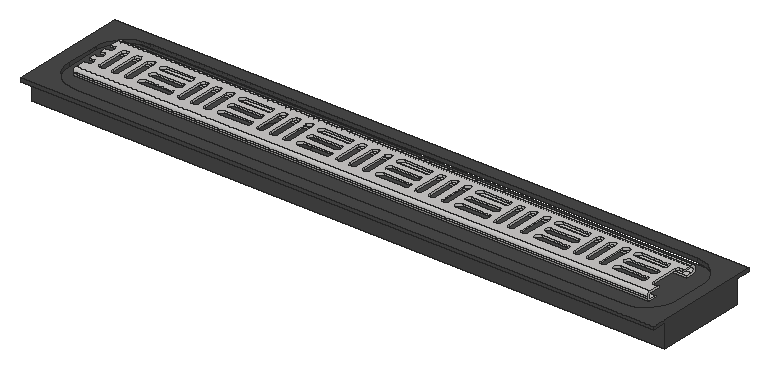
Revit family "Drain-Linear_CrossHatch_Noble_FreeStyle", category Plumbing Fixtures, host Face, Revit 2017
Family settings
  Host = Face
  Round Connector Dimension = Use Diameter
  Part Type = Normal
  OmniClass Number = 23.45.55.21
  OmniClass Title = Drains (Wastes)
  Cut with Voids When Loaded = No
  Shared = No
  Room Calculation Point = No
Parameters (values of type "24in ABS")
  Weight = "10 lbs"
  URL = "www.noblecompany.com"
  Type Comments = ""
  Product Properties = "http://www.noblecompany.com/Portals/0/PRODUCT%20INFO/Product%20Descriptions/FreeStyle%20Linear%20Drain%20Product%20Decription%200410.pdf"
  Product Data = "http://www.noblecompany.com/Products/ShowerProducts/tabid/59/Default.aspx"
  Plate = Stainless Steel - Brushed
  Model = "Freestyle 24 ABS - Cross Hatch"
  Manufacturer Phone - Toll Free = "800-878-5788"
  Manufacturer Phone = "231-799-8000"
  Manufacturer Fax = "231-799-8850"
  Manufacturer Email = "mailto:sales@noblecompany.com"
  Manufacturer Address = "7300 Enterprise Drive, Spring Lake, MI  49456 USA"
  Manufacturer = "Noble Company"
  Installation-Fabrication = "http://www.noblecompany.com/Portals/0/PRODUCT%20INFO/Product%20Descriptions/FreeStyle%20Linear%20Drain%20Product%20Decription%200410.pdf"
  GPM = 0 GPM
  Description = "Freestyle 24 ABS - Cross Hatch Linear Drain"
  Building Codes = "http://www.noblecompany.com/Portals/0/TECHNICAL%20INFO/Listing_Testing_Certification_Reports/PMG-1065%20Noble%20Company%20Linear%20Drain%20final%202.pdf"
  Base = ABS
  B = 21 3/4"
  Assembly Code = "D2030300"
  A = 24"
  Default Elevation = 0"
  D = 1 1/4"
  C = 15 3/4"
Types (14): name | Model | Description | Base | B | A | D | C
  24in ABS | "Freestyle 24 ABS - Cross Hatch" | "Freestyle 24 ABS - Cross Hatch Linear Drain" | ABS | 21 3/4" | 24" | 1 1/4" | 15 3/4"
  32in ABS | "Freestyle 32 ABS - Cross Hatch" | "Freestyle 32 ABS - Cross Hatch Linear Drain" | ABS | 29 3/4" | 32" | 1 3/8" | 19 1/2"
  36in ABS | "Freestyle 36 ABS - Cross Hatch" | "Freestyle 36 ABS - Cross Hatch Linear Drain" | ABS | 33 3/4" | 36" | 1 3/8" | 21 3/4"
  40in ABS | "Freestyle 40 ABS - Cross Hatch" | "Freestyle 40 ABS - Cross Hatch Linear Drain" | ABS | 37 3/4" | 40" | 1 7/16" | 23 3/4"
  48in ABS | "Freestyle 48 ABS - Cross Hatch" | "Freestyle 48 ABS - Cross Hatch Linear Drain" | ABS | 45 3/4" | 48" | 1 1/2" | 27 3/4"
  54in ABS | "Freestyle 54 ABS - Cross Hatch" | "Freestyle 54 ABS - Cross Hatch Linear Drain" | ABS | 51 3/4" | 54" | 1 9/16" | 30 3/4"
  60in ABS | "Freestyle 60 ABS - Cross Hatch" | "Freestyle 60 ABS - Cross Hatch Linear Drain" | ABS | 57 3/4" | 60" | 1 5/8" | 33 3/4"
  24in PVC | "Freestyle 24 PVC - Cross Hatch" | "Freestyle 24 PVC - Cross Hatch Linear Drain" | PVC | 21 3/4" | 24" | 1 1/4" | 15 3/4"
  32in PVC | "Freestyle 32 PVC - Cross Hatch" | "Freestyle 32 PVC - Cross Hatch Linear Drain" | PVC | 29 3/4" | 32" | 1 3/8" | 19 1/2"
  36in PVC | "Freestyle 36 PVC - Cross Hatch" | "Freestyle 36 PVC - Cross Hatch Linear Drain" | PVC | 33 3/4" | 36" | 1 3/8" | 21 3/4"
  40in PVC | "Freestyle 40 PVC - Cross Hatch" | "Freestyle 40 PVC - Cross Hatch Linear Drain" | PVC | 37 3/4" | 40" | 1 7/16" | 23 3/4"
  48in PVC | "Freestyle 48 PVC - Cross Hatch" | "Freestyle 48 PVC - Cross Hatch Linear Drain" | PVC | 45 3/4" | 48" | 1 1/2" | 27 3/4"
  54in PVC | "Freestyle 54 PVC - Cross Hatch" | "Freestyle 54 PVC - Cross Hatch Linear Drain" | PVC | 51 3/4" | 54" | 1 9/16" | 30 3/4"
  60in PVC | "Freestyle 60 PVC - Cross Hatch" | "Freestyle 60 PVC - Cross Hatch Linear Drain" | PVC | 57 3/4" | 60" | 1 5/8" | 33 3/4"
Reference planes (in)
  plane 1 "Center (Front/Back)": y = 0
  plane 2: z = 0
  plane 3 "Center (Left/Right)": x = 0
  plane 4: z = -1.25
  plane 5: z = -3.68399
  plane 6: z = -1.25
  plane 7: y = 1.6875
  plane 8: y = -1.6875
  plane 9: z = -0.375
  plane 10: y = 2.25
  plane 11: y = -2.25
  plane 12: z = -0.3125
  plane 13: x = 12
  plane 14: x = -12
  plane 15: x = 10.875
  plane 16: x = -3.75
  plane 17: x = -10.875
  plane 18: z = -0.125
Forms (in)
  Extrusion 1, void, detail levels medium+fine
    sketch origin (0, 0, 0) x (1, 0, 0) y (0, 1, 0)
      loop
        circle (-3.75, 0) r 1
    from -60 to 34.55449
  Extrusion 2, solid, material "ABS" <- "Base", detail levels medium+fine
    sketch origin (10.05986, 0, 0) x (0, 1, 0) y (0, 0, 1)
      loop
        line (2.25, -0.375) -> (2.25, -0.25) -> (-2.25, -0.25) -> (-2.25, -0.375) -> (-1.6875, -0.375) -> (-1.6875, -1.25) -> (1.6875, -1.25) -> (1.6875, -0.375) -> (2.25, -0.375)
    from -22.05986 to 1.94014
  Extrusion 3, void
    sketch origin (10.05986, 0, 0) x (1, 0, 0) y (0, 1, 0)
      loop
        arc (-20.37906, 1.769) -> (-21.18512, 1.43512) -> (-21.519, 0.62906) r 1.13994
        line (-21.519, 0.62906) -> (-21.519, -0.63005)
        arc (-21.519, -0.63005) -> (-21.18541, -1.43541) -> (-20.38005, -1.769) r 1.13895
        line (-20.38005, -1.769) -> (0.37931, -1.769)
        arc (0.37931, -1.769) -> (1.18519, -1.43519) -> (1.519, -0.62931) r 1.13969
        line (1.519, -0.62931) -> (1.519, 0.62118)
        arc (1.519, 0.62118) -> (1.18281, 1.43281) -> (0.37118, 1.769) r 1.14782
        line (0.37118, 1.769) -> (-20.37906, 1.769)
    from -0.375 to 0
  Extrusion 4, void
    sketch origin (0, 0, 0) x (1, 0, 0) y (0, 1, 0)
      loop
        line (11, 1.269) -> (-11, 1.269) -> (-11, -1.269) -> (11, -1.269) -> (11, 1.269)
    from -0.125 to 0
  Extrusion 5, void, detail levels fine
    sketch origin (0, 0, 0) x (0, 1, 0) y (0, 0, 1)
      loop
        line (2.25, -0.375) -> (2.25, -0.125) -> (-2.25, -0.125) -> (-2.25, -0.375) -> (-1.6875, -0.375) -> (-1.6875, -1.25) -> (1.6875, -1.25) -> (1.6875, -0.375) -> (2.25, -0.375)
    from -12 to 12
Cuts and joins
  Extrusion 1, Extrusion 3 cuts Extrusion 2
Lines and regions (in)
  model lines, detail levels coarse+medium
    curve 1: line (-3.75, 0, 0) -> (-3.75, 0, -1.25)
  model lines, style "PlumbingFixtures", detail levels coarse
    curve 2: line (-12, 2.25, 0) -> (-12, -2.25, 0)
    curve 3: line (-12, 2.25, 0) -> (12, 2.25, 0)
    curve 4: line (12, 2.25, 0) -> (12, -2.25, 0)
    curve 5: line (-12, -2.25, 0) -> (12, -2.25, 0)
    curve 6: line (12, 0, 0) -> (-12, 0, 0)
Dimensions and locks (in)
  "D": plane 2 to plane 4
  locked: plane 4 to plane 5 at 2.43399
  "D": plane 6 to level
  equal spacing: plane 7, plane 1 "Center (Front/Back)", plane 8, locked at 1.6875 each
  locked: plane 9 to level at 0.375
  plane 7 to plane 8 = 3 3/8"
  locked: plane 10 to plane 7 at 0.5625
  locked: plane 8 to plane 11 at 0.5625
  "A": plane 14 to plane 13
  locked: plane 15 to plane 13 at 1.125
  "C": plane 16 to plane 13
  locked: plane 14 to plane 17 at 1.125
  locked: Extrusion 3 sketch curve to plane 13 at 0.42114
  locked: plane 14 to Extrusion 3 sketch curve at 0.54086
  equal spacing: plane 14, plane 3 "Center (Left/Right)", plane 13
  locked: plane 9 to plane 12 at 0.0625
  locked: level to plane 18 at 0.125
  level to Extrusion 2 sketch curve = 1/4"
  locked: plane 15 to Extrusion 4 sketch curve at 0.125
  locked: Extrusion 4 sketch curve to plane 17 at 0.125
  radius of Extrusion 1 sketch curve = 1"
  aligned and locked: plane 2 to host face
  aligned and locked: level to host face
  aligned and locked: plane 1 "Center (Front/Back)" to Extrusion 1 sketch curve
  aligned and locked: plane 13 to Extrusion 2
  aligned and locked: plane 16 to Extrusion 1 sketch curve
  aligned and locked: plane 10 to Extrusion 5 sketch curve
  aligned and locked: plane 9 to Extrusion 5 sketch curve
  aligned and locked: plane 7 to Extrusion 5 sketch curve
  aligned and locked: plane 4 to Extrusion 5 sketch curve
  aligned and locked: plane 11 to Extrusion 5 sketch curve
  aligned and locked: Extrusion 5 sketch curve to plane 8
  aligned and locked: Extrusion 5 to plane 14
  aligned and locked: plane 13 to Extrusion 5
  aligned and locked: curve 6 to plane 1 "Center (Front/Back)"
  aligned and locked: plane 14 to curve 6
  aligned and locked: plane 13 to curve 6
  aligned and locked: curve 1 to plane 16
  aligned and locked: level to curve 1
  aligned and locked: plane 6 to curve 1
  aligned and locked: Extrusion 2 to plane 14
  aligned and locked: plane 3 "Center (Left/Right)" to nested 1
  aligned and locked: plane 1 "Center (Front/Back)" to nested 1
  aligned and locked: plane 12 to nested 1
  aligned and locked: plane 9 to Extrusion 3
  aligned and locked: Extrusion 4 to plane 18
  aligned and locked: level to Extrusion 4
Automatic sketch dimensions
  host sketch curve to host sketch curve = 48 1/4"
  host sketch curve to host sketch curve = 96"
  plane 9 to Extrusion 2 sketch curve = 0"  (x2)
  Extrusion 2 sketch curve to plane 11 = 0"
  Extrusion 2 sketch curve to plane 4 = 0"
  Extrusion 2 sketch curve to plane 8 = 0"
  Extrusion 2 sketch curve to plane 7 = 0"
  Extrusion 2 sketch curve to plane 10 = 0"
  Extrusion 3 sketch curve to plane 8 = 0.0815"
  plane 17 to Extrusion 3 sketch curve = 0.55481"
  Extrusion 3 sketch curve to plane 7 = 0.0815"
  plane 17 to Extrusion 3 sketch curve = 0.5558"
  Extrusion 3 sketch curve to plane 15 = 0.44396"
  Extrusion 3 sketch curve to plane 15 = 0.43583"
  curve 2 to plane 10 = 0"
  curve 5 to plane 11 = 0"
  plane 9 to Extrusion 5 sketch curve = 0"
  Extrusion 5 sketch curve to plane 18 = 0"
  plane 8 to Extrusion 4 sketch curve = 0.4185"
  plane 7 to Extrusion 4 sketch curve = 0.4185"
Nested families (in)
  nested 1: "Strainer" at (-12.24848, 0, -0.3125), type "24"", detail levels fine
    with Strainer Length 21 3/4"
Connectors (in)
  piping at (-3.75, 0, -1.25), diameter 2, driven by "GPM"
    settings: on cut or joined group of Extrusion 1, Extrusion 2, Extrusion 3, index 1, connector inside diameter 2", connector length 0", flow factor 0, pipe flow 0 GPM, pressure drop 0.00 psi, fitting loss kfactor 0, connector angle 0.00°, fixture units 0, engagement length 0", angle of deflection 0.00°, flow configuration 0, flow direction 2, fitting loss method 0, system type 16, joint type 0, gender type 0, connector reference index -1, connector utility 0, adjustable connector no, is connector primary yes, connector description ""
Definition of nested family "Strainer"
  Parameters
    Strainer Width = 2 1/4"
    Strainer Height = 5/16"
    Strainer Length = 26 1/4"
    Strainer Finish = none
  Reference planes (in)
    plane 1 "Center (Front/Back)": y = 0
    plane 2: z = 0
    plane 3 "Center (Left/Right)": x = 12.24848
    plane 4: y = 1.125
    plane 5: y = -1.125
    plane 6: x = 42.24848
    plane 7: x = -17.75152
    plane 8: z = 0.3125
    plane 9: x = -0.87652
    plane 10: x = 25.37348
  Forms (in)
    Extrusion 1, solid, material <- "Strainer Finish", detail levels medium+fine
      sketch origin (0, 0, 0) x (1, 0, 0) y (0, 1, 0)
        loop
          line (-16.62652, 1.1245) -> (-16.62652, -1.1245) -> (41.12348, -1.1245) -> (41.12348, 1.1245) -> (-16.62652, 1.1245)
        loop
          line (11.35785, 0.5) -> (11.35785, -0.5)
          arc (11.35785, -0.5) -> (11.49848, -0.64063) -> (11.6391, -0.5) r 0.14063
          line (11.6391, -0.5) -> (11.6391, 0.5)
          arc (11.6391, 0.5) -> (11.49848, 0.64062) -> (11.35785, 0.5) r 0.14063
        loop
          line (11.85785, 0.5) -> (11.85785, -0.5)
          arc (11.85785, -0.5) -> (11.99848, -0.64063) -> (12.1391, -0.5) r 0.14063
          line (12.1391, -0.5) -> (12.1391, 0.5)
          arc (12.1391, 0.5) -> (11.99848, 0.64062) -> (11.85785, 0.5) r 0.14063
        loop
          arc (11.1391, 0.5) -> (10.99848, 0.64062) -> (10.85785, 0.5) r 0.14063
          line (10.85785, 0.5) -> (10.85785, -0.5)
          arc (10.85785, -0.5) -> (10.99848, -0.64063) -> (11.1391, -0.5) r 0.14063
          line (11.1391, -0.5) -> (11.1391, 0.5)
        loop
          line (12.49848, -0.14063) -> (13.49848, -0.14063)
          arc (13.49848, -0.14063) -> (13.6391, 0) -> (13.49848, 0.14062) r 0.14063
          line (13.49848, 0.14062) -> (12.49848, 0.14062)
          arc (12.49848, 0.14062) -> (12.35785, 0) -> (12.49848, -0.14063) r 0.14063
        loop
          line (12.49848, 0.35937) -> (13.49848, 0.35937)
          arc (13.49848, 0.35937) -> (13.6391, 0.5) -> (13.49848, 0.64062) r 0.14063
          line (13.49848, 0.64062) -> (12.49848, 0.64062)
          arc (12.49848, 0.64062) -> (12.35785, 0.5) -> (12.49848, 0.35937) r 0.14063
        loop
          arc (12.49848, -0.35938) -> (12.35785, -0.5) -> (12.49848, -0.64063) r 0.14063
          line (12.49848, -0.64063) -> (13.49848, -0.64063)
          arc (13.49848, -0.64063) -> (13.6391, -0.5) -> (13.49848, -0.35938) r 0.14063
          line (13.49848, -0.35938) -> (12.49848, -0.35938)
        loop
          arc (14.6391, 0.5) -> (14.49848, 0.64062) -> (14.35785, 0.5) r 0.14063
          line (14.35785, 0.5) -> (14.35785, -0.5)
          arc (14.35785, -0.5) -> (14.49848, -0.64063) -> (14.6391, -0.5) r 0.14063
          line (14.6391, -0.5) -> (14.6391, 0.5)
        loop
          arc (14.1391, 0.5) -> (13.99848, 0.64062) -> (13.85785, 0.5) r 0.14063
          line (13.85785, 0.5) -> (13.85785, -0.5)
          arc (13.85785, -0.5) -> (13.99848, -0.64063) -> (14.1391, -0.5) r 0.14063
          line (14.1391, -0.5) -> (14.1391, 0.5)
        loop
          line (14.85785, 0.5) -> (14.85785, -0.5)
          arc (14.85785, -0.5) -> (14.99848, -0.64063) -> (15.1391, -0.5) r 0.14063
          line (15.1391, -0.5) -> (15.1391, 0.5)
          arc (15.1391, 0.5) -> (14.99848, 0.64062) -> (14.85785, 0.5) r 0.14063
        loop
          line (15.49848, -0.14063) -> (16.49848, -0.14063)
          arc (16.49848, -0.14063) -> (16.6391, 0) -> (16.49848, 0.14062) r 0.14063
          line (16.49848, 0.14062) -> (15.49848, 0.14062)
          arc (15.49848, 0.14062) -> (15.35785, 0) -> (15.49848, -0.14063) r 0.14063
        loop
          line (15.49848, 0.35937) -> (16.49848, 0.35937)
          arc (16.49848, 0.35937) -> (16.6391, 0.5) -> (16.49848, 0.64062) r 0.14063
          line (16.49848, 0.64062) -> (15.49848, 0.64062)
          arc (15.49848, 0.64062) -> (15.35785, 0.5) -> (15.49848, 0.35937) r 0.14063
        loop
          arc (15.49848, -0.35938) -> (15.35785, -0.5) -> (15.49848, -0.64063) r 0.14063
          line (15.49848, -0.64063) -> (16.49848, -0.64063)
          arc (16.49848, -0.64063) -> (16.6391, -0.5) -> (16.49848, -0.35938) r 0.14063
          line (16.49848, -0.35938) -> (15.49848, -0.35938)
        loop
          arc (17.6391, 0.5) -> (17.49848, 0.64062) -> (17.35785, 0.5) r 0.14063
          line (17.35785, 0.5) -> (17.35785, -0.5)
          arc (17.35785, -0.5) -> (17.49848, -0.64063) -> (17.6391, -0.5) r 0.14063
          line (17.6391, -0.5) -> (17.6391, 0.5)
        loop
          arc (17.1391, 0.5) -> (16.99848, 0.64062) -> (16.85785, 0.5) r 0.14063
          line (16.85785, 0.5) -> (16.85785, -0.5)
          arc (16.85785, -0.5) -> (16.99848, -0.64063) -> (17.1391, -0.5) r 0.14063
          line (17.1391, -0.5) -> (17.1391, 0.5)
        loop
          line (17.85785, 0.5) -> (17.85785, -0.5)
          arc (17.85785, -0.5) -> (17.99848, -0.64063) -> (18.1391, -0.5) r 0.14063
          line (18.1391, -0.5) -> (18.1391, 0.5)
          arc (18.1391, 0.5) -> (17.99848, 0.64062) -> (17.85785, 0.5) r 0.14063
        loop
          line (18.49848, -0.14063) -> (19.49848, -0.14063)
          arc (19.49848, -0.14063) -> (19.6391, 0) -> (19.49848, 0.14062) r 0.14063
          line (19.49848, 0.14062) -> (18.49848, 0.14062)
          arc (18.49848, 0.14062) -> (18.35785, 0) -> (18.49848, -0.14063) r 0.14063
        loop
          line (18.49848, 0.35937) -> (19.49848, 0.35937)
          arc (19.49848, 0.35937) -> (19.6391, 0.5) -> (19.49848, 0.64062) r 0.14063
          line (19.49848, 0.64062) -> (18.49848, 0.64062)
          arc (18.49848, 0.64062) -> (18.35785, 0.5) -> (18.49848, 0.35937) r 0.14063
        loop
          arc (18.49848, -0.35938) -> (18.35785, -0.5) -> (18.49848, -0.64063) r 0.14063
          line (18.49848, -0.64063) -> (19.49848, -0.64063)
          arc (19.49848, -0.64063) -> (19.6391, -0.5) -> (19.49848, -0.35938) r 0.14063
          line (19.49848, -0.35938) -> (18.49848, -0.35938)
        loop
          arc (20.6391, 0.5) -> (20.49848, 0.64062) -> (20.35785, 0.5) r 0.14063
          line (20.35785, 0.5) -> (20.35785, -0.5)
          arc (20.35785, -0.5) -> (20.49848, -0.64063) -> (20.6391, -0.5) r 0.14063
          line (20.6391, -0.5) -> (20.6391, 0.5)
        loop
          arc (20.1391, 0.5) -> (19.99848, 0.64062) -> (19.85785, 0.5) r 0.14063
          line (19.85785, 0.5) -> (19.85785, -0.5)
          arc (19.85785, -0.5) -> (19.99848, -0.64063) -> (20.1391, -0.5) r 0.14063
          line (20.1391, -0.5) -> (20.1391, 0.5)
        loop
          line (20.85785, 0.5) -> (20.85785, -0.5)
          arc (20.85785, -0.5) -> (20.99848, -0.64063) -> (21.1391, -0.5) r 0.14063
          line (21.1391, -0.5) -> (21.1391, 0.5)
          arc (21.1391, 0.5) -> (20.99848, 0.64062) -> (20.85785, 0.5) r 0.14063
        loop
          line (21.49848, -0.14063) -> (22.49848, -0.14063)
          arc (22.49848, -0.14063) -> (22.6391, 0) -> (22.49848, 0.14062) r 0.14063
          line (22.49848, 0.14062) -> (21.49848, 0.14062)
          arc (21.49848, 0.14062) -> (21.35785, 0) -> (21.49848, -0.14063) r 0.14063
        loop
          line (21.49848, 0.35937) -> (22.49848, 0.35937)
          arc (22.49848, 0.35937) -> (22.6391, 0.5) -> (22.49848, 0.64062) r 0.14063
          line (22.49848, 0.64062) -> (21.49848, 0.64062)
          arc (21.49848, 0.64062) -> (21.35785, 0.5) -> (21.49848, 0.35937) r 0.14063
        loop
          arc (21.49848, -0.35938) -> (21.35785, -0.5) -> (21.49848, -0.64063) r 0.14063
          line (21.49848, -0.64063) -> (22.49848, -0.64063)
          arc (22.49848, -0.64063) -> (22.6391, -0.5) -> (22.49848, -0.35938) r 0.14063
          line (22.49848, -0.35938) -> (21.49848, -0.35938)
        loop
          arc (23.6391, 0.5) -> (23.49848, 0.64062) -> (23.35785, 0.5) r 0.14063
          line (23.35785, 0.5) -> (23.35785, -0.5)
          arc (23.35785, -0.5) -> (23.49848, -0.64063) -> (23.6391, -0.5) r 0.14063
          line (23.6391, -0.5) -> (23.6391, 0.5)
        loop
          arc (23.1391, 0.5) -> (22.99848, 0.64062) -> (22.85785, 0.5) r 0.14063
          line (22.85785, 0.5) -> (22.85785, -0.5)
          arc (22.85785, -0.5) -> (22.99848, -0.64063) -> (23.1391, -0.5) r 0.14063
          line (23.1391, -0.5) -> (23.1391, 0.5)
        loop
          line (23.85785, 0.5) -> (23.85785, -0.5)
          arc (23.85785, -0.5) -> (23.99848, -0.64063) -> (24.1391, -0.5) r 0.14063
          line (24.1391, -0.5) -> (24.1391, 0.5)
          arc (24.1391, 0.5) -> (23.99848, 0.64062) -> (23.85785, 0.5) r 0.14063
        loop
          line (24.49848, -0.14063) -> (25.49848, -0.14063)
          arc (25.49848, -0.14063) -> (25.6391, 0) -> (25.49848, 0.14062) r 0.14063
          line (25.49848, 0.14062) -> (24.49848, 0.14062)
          arc (24.49848, 0.14062) -> (24.35785, 0) -> (24.49848, -0.14063) r 0.14063
        loop
          line (24.49848, 0.35937) -> (25.49848, 0.35937)
          arc (25.49848, 0.35937) -> (25.6391, 0.5) -> (25.49848, 0.64062) r 0.14063
          line (25.49848, 0.64062) -> (24.49848, 0.64062)
          arc (24.49848, 0.64062) -> (24.35785, 0.5) -> (24.49848, 0.35937) r 0.14063
        loop
          arc (24.49848, -0.35938) -> (24.35785, -0.5) -> (24.49848, -0.64063) r 0.14063
          line (24.49848, -0.64063) -> (25.49848, -0.64063)
          arc (25.49848, -0.64063) -> (25.6391, -0.5) -> (25.49848, -0.35938) r 0.14063
          line (25.49848, -0.35938) -> (24.49848, -0.35938)
        loop
          arc (26.6391, 0.5) -> (26.49848, 0.64062) -> (26.35785, 0.5) r 0.14063
          line (26.35785, 0.5) -> (26.35785, -0.5)
          arc (26.35785, -0.5) -> (26.49848, -0.64063) -> (26.6391, -0.5) r 0.14063
          line (26.6391, -0.5) -> (26.6391, 0.5)
        loop
          arc (26.1391, 0.5) -> (25.99848, 0.64062) -> (25.85785, 0.5) r 0.14063
          line (25.85785, 0.5) -> (25.85785, -0.5)
          arc (25.85785, -0.5) -> (25.99848, -0.64063) -> (26.1391, -0.5) r 0.14063
          line (26.1391, -0.5) -> (26.1391, 0.5)
        loop
          line (26.85785, 0.5) -> (26.85785, -0.5)
          arc (26.85785, -0.5) -> (26.99848, -0.64063) -> (27.1391, -0.5) r 0.14063
          line (27.1391, -0.5) -> (27.1391, 0.5)
          arc (27.1391, 0.5) -> (26.99848, 0.64062) -> (26.85785, 0.5) r 0.14063
        loop
          line (27.49848, -0.14063) -> (28.49848, -0.14063)
          arc (28.49848, -0.14063) -> (28.6391, 0) -> (28.49848, 0.14062) r 0.14063
          line (28.49848, 0.14062) -> (27.49848, 0.14062)
          arc (27.49848, 0.14062) -> (27.35785, 0) -> (27.49848, -0.14063) r 0.14063
        loop
          line (27.49848, 0.35937) -> (28.49848, 0.35937)
          arc (28.49848, 0.35937) -> (28.6391, 0.5) -> (28.49848, 0.64062) r 0.14063
          line (28.49848, 0.64062) -> (27.49848, 0.64062)
          arc (27.49848, 0.64062) -> (27.35785, 0.5) -> (27.49848, 0.35937) r 0.14063
        loop
          arc (27.49848, -0.35938) -> (27.35785, -0.5) -> (27.49848, -0.64063) r 0.14063
          line (27.49848, -0.64063) -> (28.49848, -0.64063)
          arc (28.49848, -0.64063) -> (28.6391, -0.5) -> (28.49848, -0.35938) r 0.14063
          line (28.49848, -0.35938) -> (27.49848, -0.35938)
        loop
          arc (29.6391, 0.5) -> (29.49848, 0.64062) -> (29.35785, 0.5) r 0.14063
          line (29.35785, 0.5) -> (29.35785, -0.5)
          arc (29.35785, -0.5) -> (29.49848, -0.64063) -> (29.6391, -0.5) r 0.14063
          line (29.6391, -0.5) -> (29.6391, 0.5)
        loop
          arc (29.1391, 0.5) -> (28.99848, 0.64062) -> (28.85785, 0.5) r 0.14063
          line (28.85785, 0.5) -> (28.85785, -0.5)
          arc (28.85785, -0.5) -> (28.99848, -0.64063) -> (29.1391, -0.5) r 0.14063
          line (29.1391, -0.5) -> (29.1391, 0.5)
        loop
          line (29.85785, 0.5) -> (29.85785, -0.5)
          arc (29.85785, -0.5) -> (29.99848, -0.64063) -> (30.1391, -0.5) r 0.14063
          line (30.1391, -0.5) -> (30.1391, 0.5)
          arc (30.1391, 0.5) -> (29.99848, 0.64062) -> (29.85785, 0.5) r 0.14063
        loop
          line (30.49848, -0.14063) -> (31.49848, -0.14063)
          arc (31.49848, -0.14063) -> (31.6391, 0) -> (31.49848, 0.14062) r 0.14063
          line (31.49848, 0.14062) -> (30.49848, 0.14062)
          arc (30.49848, 0.14062) -> (30.35785, 0) -> (30.49848, -0.14063) r 0.14063
        loop
          line (30.49848, 0.35937) -> (31.49848, 0.35937)
          arc (31.49848, 0.35937) -> (31.6391, 0.5) -> (31.49848, 0.64062) r 0.14063
          line (31.49848, 0.64062) -> (30.49848, 0.64062)
          arc (30.49848, 0.64062) -> (30.35785, 0.5) -> (30.49848, 0.35937) r 0.14063
        loop
          arc (30.49848, -0.35938) -> (30.35785, -0.5) -> (30.49848, -0.64063) r 0.14063
          line (30.49848, -0.64063) -> (31.49848, -0.64063)
          arc (31.49848, -0.64063) -> (31.6391, -0.5) -> (31.49848, -0.35938) r 0.14063
          line (31.49848, -0.35938) -> (30.49848, -0.35938)
        loop
          arc (32.6391, 0.5) -> (32.49848, 0.64062) -> (32.35785, 0.5) r 0.14063
          line (32.35785, 0.5) -> (32.35785, -0.5)
          arc (32.35785, -0.5) -> (32.49848, -0.64063) -> (32.6391, -0.5) r 0.14063
          line (32.6391, -0.5) -> (32.6391, 0.5)
        loop
          arc (32.1391, 0.5) -> (31.99848, 0.64062) -> (31.85785, 0.5) r 0.14063
          line (31.85785, 0.5) -> (31.85785, -0.5)
          arc (31.85785, -0.5) -> (31.99848, -0.64063) -> (32.1391, -0.5) r 0.14063
          line (32.1391, -0.5) -> (32.1391, 0.5)
        loop
          line (32.85785, 0.5) -> (32.85785, -0.5)
          arc (32.85785, -0.5) -> (32.99848, -0.64063) -> (33.1391, -0.5) r 0.14063
          line (33.1391, -0.5) -> (33.1391, 0.5)
          arc (33.1391, 0.5) -> (32.99848, 0.64062) -> (32.85785, 0.5) r 0.14063
        loop
          line (33.49848, -0.14063) -> (34.49848, -0.14063)
          arc (34.49848, -0.14063) -> (34.6391, 0) -> (34.49848, 0.14062) r 0.14063
          line (34.49848, 0.14062) -> (33.49848, 0.14062)
          arc (33.49848, 0.14062) -> (33.35785, 0) -> (33.49848, -0.14063) r 0.14063
        loop
          line (33.49848, 0.35937) -> (34.49848, 0.35937)
          arc (34.49848, 0.35937) -> (34.6391, 0.5) -> (34.49848, 0.64062) r 0.14063
          line (34.49848, 0.64062) -> (33.49848, 0.64062)
          arc (33.49848, 0.64062) -> (33.35785, 0.5) -> (33.49848, 0.35937) r 0.14063
        loop
          arc (33.49848, -0.35938) -> (33.35785, -0.5) -> (33.49848, -0.64063) r 0.14063
          line (33.49848, -0.64063) -> (34.49848, -0.64063)
          arc (34.49848, -0.64063) -> (34.6391, -0.5) -> (34.49848, -0.35938) r 0.14063
          line (34.49848, -0.35938) -> (33.49848, -0.35938)
        loop
          arc (35.6391, 0.5) -> (35.49848, 0.64062) -> (35.35785, 0.5) r 0.14063
          line (35.35785, 0.5) -> (35.35785, -0.5)
          arc (35.35785, -0.5) -> (35.49848, -0.64063) -> (35.6391, -0.5) r 0.14063
          line (35.6391, -0.5) -> (35.6391, 0.5)
        loop
          arc (35.1391, 0.5) -> (34.99848, 0.64062) -> (34.85785, 0.5) r 0.14063
          line (34.85785, 0.5) -> (34.85785, -0.5)
          arc (34.85785, -0.5) -> (34.99848, -0.64063) -> (35.1391, -0.5) r 0.14063
          line (35.1391, -0.5) -> (35.1391, 0.5)
        loop
          line (35.85785, 0.5) -> (35.85785, -0.5)
          arc (35.85785, -0.5) -> (35.99848, -0.64063) -> (36.1391, -0.5) r 0.14063
          line (36.1391, -0.5) -> (36.1391, 0.5)
          arc (36.1391, 0.5) -> (35.99848, 0.64062) -> (35.85785, 0.5) r 0.14063
        loop
          line (36.49848, -0.14063) -> (37.49848, -0.14063)
          arc (37.49848, -0.14063) -> (37.6391, 0) -> (37.49848, 0.14062) r 0.14063
          line (37.49848, 0.14062) -> (36.49848, 0.14062)
          arc (36.49848, 0.14062) -> (36.35785, 0) -> (36.49848, -0.14063) r 0.14063
        loop
          line (36.49848, 0.35937) -> (37.49848, 0.35937)
          arc (37.49848, 0.35937) -> (37.6391, 0.5) -> (37.49848, 0.64062) r 0.14063
          line (37.49848, 0.64062) -> (36.49848, 0.64062)
          arc (36.49848, 0.64062) -> (36.35785, 0.5) -> (36.49848, 0.35937) r 0.14063
        loop
          arc (36.49848, -0.35938) -> (36.35785, -0.5) -> (36.49848, -0.64063) r 0.14063
          line (36.49848, -0.64063) -> (37.49848, -0.64063)
          arc (37.49848, -0.64063) -> (37.6391, -0.5) -> (37.49848, -0.35938) r 0.14063
          line (37.49848, -0.35938) -> (36.49848, -0.35938)
        loop
          arc (38.6391, 0.5) -> (38.49848, 0.64062) -> (38.35785, 0.5) r 0.14063
          line (38.35785, 0.5) -> (38.35785, -0.5)
          arc (38.35785, -0.5) -> (38.49848, -0.64063) -> (38.6391, -0.5) r 0.14063
          line (38.6391, -0.5) -> (38.6391, 0.5)
        loop
          arc (38.1391, 0.5) -> (37.99848, 0.64062) -> (37.85785, 0.5) r 0.14063
          line (37.85785, 0.5) -> (37.85785, -0.5)
          arc (37.85785, -0.5) -> (37.99848, -0.64063) -> (38.1391, -0.5) r 0.14063
          line (38.1391, -0.5) -> (38.1391, 0.5)
        loop
          line (38.85785, 0.5) -> (38.85785, -0.5)
          arc (38.85785, -0.5) -> (38.99848, -0.64063) -> (39.1391, -0.5) r 0.14063
          line (39.1391, -0.5) -> (39.1391, 0.5)
          arc (39.1391, 0.5) -> (38.99848, 0.64062) -> (38.85785, 0.5) r 0.14063
        loop
          line (39.49848, -0.14063) -> (40.49848, -0.14063)
          arc (40.49848, -0.14063) -> (40.6391, 0) -> (40.49848, 0.14062) r 0.14063
          line (40.49848, 0.14062) -> (39.49848, 0.14062)
          arc (39.49848, 0.14062) -> (39.35785, 0) -> (39.49848, -0.14063) r 0.14063
        loop
          line (39.49848, 0.35937) -> (40.49848, 0.35937)
          arc (40.49848, 0.35937) -> (40.6391, 0.5) -> (40.49848, 0.64062) r 0.14063
          line (40.49848, 0.64062) -> (39.49848, 0.64062)
          arc (39.49848, 0.64062) -> (39.35785, 0.5) -> (39.49848, 0.35937) r 0.14063
        loop
          arc (39.49848, -0.35938) -> (39.35785, -0.5) -> (39.49848, -0.64063) r 0.14063
          line (39.49848, -0.64063) -> (40.49848, -0.64063)
          arc (40.49848, -0.64063) -> (40.6391, -0.5) -> (40.49848, -0.35938) r 0.14063
          line (40.49848, -0.35938) -> (39.49848, -0.35938)
        loop
          arc (10.49848, -0.14063) -> (10.6391, 0) -> (10.49848, 0.14062) r 0.14063
          line (10.49848, 0.14062) -> (9.49848, 0.14063)
          arc (9.49848, 0.14063) -> (9.35785, 0) -> (9.49848, -0.14063) r 0.14063
          line (9.49848, -0.14063) -> (10.49848, -0.14063)
        loop
          arc (10.49848, 0.35937) -> (10.6391, 0.5) -> (10.49848, 0.64062) r 0.14063
          line (10.49848, 0.64062) -> (9.49848, 0.64062)
          arc (9.49848, 0.64062) -> (9.35785, 0.5) -> (9.49848, 0.35937) r 0.14063
          line (9.49848, 0.35937) -> (10.49848, 0.35937)
        loop
          line (10.49848, -0.35938) -> (9.49848, -0.35938)
          arc (9.49848, -0.35938) -> (9.35785, -0.5) -> (9.49848, -0.64063) r 0.14063
          line (9.49848, -0.64063) -> (10.49848, -0.64063)
          arc (10.49848, -0.64063) -> (10.6391, -0.5) -> (10.49848, -0.35938) r 0.14063
        loop
          line (8.35785, 0.5) -> (8.35785, -0.5)
          arc (8.35785, -0.5) -> (8.49848, -0.64063) -> (8.6391, -0.5) r 0.14063
          line (8.6391, -0.5) -> (8.6391, 0.5)
          arc (8.6391, 0.5) -> (8.49848, 0.64062) -> (8.35785, 0.5) r 0.14063
        loop
          line (8.85785, 0.5) -> (8.85785, -0.5)
          arc (8.85785, -0.5) -> (8.99848, -0.64063) -> (9.1391, -0.5) r 0.14063
          line (9.1391, -0.5) -> (9.1391, 0.5)
          arc (9.1391, 0.5) -> (8.99848, 0.64062) -> (8.85785, 0.5) r 0.14063
        loop
          arc (8.1391, 0.5) -> (7.99848, 0.64062) -> (7.85785, 0.5) r 0.14063
          line (7.85785, 0.5) -> (7.85785, -0.5)
          arc (7.85785, -0.5) -> (7.99848, -0.64063) -> (8.1391, -0.5) r 0.14063
          line (8.1391, -0.5) -> (8.1391, 0.5)
        loop
          arc (7.49848, -0.14063) -> (7.6391, 0) -> (7.49848, 0.14062) r 0.14063
          line (7.49848, 0.14062) -> (6.49848, 0.14063)
          arc (6.49848, 0.14063) -> (6.35785, 0) -> (6.49848, -0.14063) r 0.14063
          line (6.49848, -0.14063) -> (7.49848, -0.14063)
        loop
          arc (7.49848, 0.35937) -> (7.6391, 0.5) -> (7.49848, 0.64062) r 0.14063
          line (7.49848, 0.64062) -> (6.49848, 0.64062)
          arc (6.49848, 0.64062) -> (6.35785, 0.5) -> (6.49848, 0.35937) r 0.14063
          line (6.49848, 0.35937) -> (7.49848, 0.35937)
        loop
          line (7.49848, -0.35938) -> (6.49848, -0.35938)
          arc (6.49848, -0.35938) -> (6.35785, -0.5) -> (6.49848, -0.64063) r 0.14063
          line (6.49848, -0.64063) -> (7.49848, -0.64063)
          arc (7.49848, -0.64063) -> (7.6391, -0.5) -> (7.49848, -0.35938) r 0.14063
        loop
          line (5.35785, 0.5) -> (5.35785, -0.5)
          arc (5.35785, -0.5) -> (5.49848, -0.64063) -> (5.6391, -0.5) r 0.14063
          line (5.6391, -0.5) -> (5.6391, 0.5)
          arc (5.6391, 0.5) -> (5.49848, 0.64062) -> (5.35785, 0.5) r 0.14063
        loop
          line (5.85785, 0.5) -> (5.85785, -0.5)
          arc (5.85785, -0.5) -> (5.99848, -0.64063) -> (6.1391, -0.5) r 0.14063
          line (6.1391, -0.5) -> (6.1391, 0.5)
          arc (6.1391, 0.5) -> (5.99848, 0.64062) -> (5.85785, 0.5) r 0.14063
        loop
          arc (5.1391, 0.5) -> (4.99848, 0.64062) -> (4.85785, 0.5) r 0.14063
          line (4.85785, 0.5) -> (4.85785, -0.5)
          arc (4.85785, -0.5) -> (4.99848, -0.64063) -> (5.1391, -0.5) r 0.14063
          line (5.1391, -0.5) -> (5.1391, 0.5)
        loop
          arc (4.49848, -0.14063) -> (4.6391, 0) -> (4.49848, 0.14062) r 0.14063
          line (4.49848, 0.14062) -> (3.49848, 0.14063)
          arc (3.49848, 0.14063) -> (3.35785, 0) -> (3.49848, -0.14063) r 0.14063
          line (3.49848, -0.14063) -> (4.49848, -0.14063)
        loop
          arc (4.49848, 0.35937) -> (4.6391, 0.5) -> (4.49848, 0.64062) r 0.14063
          line (4.49848, 0.64062) -> (3.49848, 0.64062)
          arc (3.49848, 0.64062) -> (3.35785, 0.5) -> (3.49848, 0.35937) r 0.14063
          line (3.49848, 0.35937) -> (4.49848, 0.35937)
        loop
          line (4.49848, -0.35938) -> (3.49848, -0.35938)
          arc (3.49848, -0.35938) -> (3.35785, -0.5) -> (3.49848, -0.64063) r 0.14063
          line (3.49848, -0.64063) -> (4.49848, -0.64063)
          arc (4.49848, -0.64063) -> (4.6391, -0.5) -> (4.49848, -0.35938) r 0.14063
        loop
          line (2.35785, 0.5) -> (2.35785, -0.5)
          arc (2.35785, -0.5) -> (2.49848, -0.64063) -> (2.6391, -0.5) r 0.14063
          line (2.6391, -0.5) -> (2.6391, 0.5)
          arc (2.6391, 0.5) -> (2.49848, 0.64062) -> (2.35785, 0.5) r 0.14063
        loop
          line (2.85785, 0.5) -> (2.85785, -0.5)
          arc (2.85785, -0.5) -> (2.99848, -0.64063) -> (3.1391, -0.5) r 0.14063
          line (3.1391, -0.5) -> (3.1391, 0.5)
          arc (3.1391, 0.5) -> (2.99848, 0.64062) -> (2.85785, 0.5) r 0.14063
        loop
          arc (2.1391, 0.5) -> (1.99848, 0.64062) -> (1.85785, 0.5) r 0.14063
          line (1.85785, 0.5) -> (1.85785, -0.5)
          arc (1.85785, -0.5) -> (1.99848, -0.64063) -> (2.1391, -0.5) r 0.14063
          line (2.1391, -0.5) -> (2.1391, 0.5)
        loop
          arc (1.49848, -0.14063) -> (1.6391, 0) -> (1.49848, 0.14062) r 0.14063
          line (1.49848, 0.14062) -> (0.49848, 0.14063)
          arc (0.49848, 0.14063) -> (0.35785, 0) -> (0.49848, -0.14063) r 0.14063
          line (0.49848, -0.14063) -> (1.49848, -0.14063)
        loop
          arc (1.49848, 0.35937) -> (1.6391, 0.5) -> (1.49848, 0.64062) r 0.14063
          line (1.49848, 0.64062) -> (0.49848, 0.64062)
          arc (0.49848, 0.64062) -> (0.35785, 0.5) -> (0.49848, 0.35937) r 0.14063
          line (0.49848, 0.35937) -> (1.49848, 0.35937)
        loop
          line (1.49848, -0.35938) -> (0.49848, -0.35938)
          arc (0.49848, -0.35938) -> (0.35785, -0.5) -> (0.49848, -0.64063) r 0.14063
          line (0.49848, -0.64063) -> (1.49848, -0.64063)
          arc (1.49848, -0.64063) -> (1.6391, -0.5) -> (1.49848, -0.35938) r 0.14063
        loop
          line (-0.64215, 0.5) -> (-0.64215, -0.5)
          arc (-0.64215, -0.5) -> (-0.50152, -0.64063) -> (-0.3609, -0.5) r 0.14063
          line (-0.3609, -0.5) -> (-0.3609, 0.5)
          arc (-0.3609, 0.5) -> (-0.50152, 0.64062) -> (-0.64215, 0.5) r 0.14063
        loop
          line (-0.14215, 0.5) -> (-0.14215, -0.5)
          arc (-0.14215, -0.5) -> (-0.00152, -0.64063) -> (0.1391, -0.5) r 0.14063
          line (0.1391, -0.5) -> (0.1391, 0.5)
          arc (0.1391, 0.5) -> (-0.00152, 0.64062) -> (-0.14215, 0.5) r 0.14063
        loop
          arc (-0.8609, 0.5) -> (-1.00152, 0.64062) -> (-1.14215, 0.5) r 0.14063
          line (-1.14215, 0.5) -> (-1.14215, -0.5)
          arc (-1.14215, -0.5) -> (-1.00152, -0.64063) -> (-0.8609, -0.5) r 0.14063
          line (-0.8609, -0.5) -> (-0.8609, 0.5)
        loop
          arc (-1.50152, -0.14063) -> (-1.3609, 0) -> (-1.50152, 0.14062) r 0.14063
          line (-1.50152, 0.14062) -> (-2.50152, 0.14063)
          arc (-2.50152, 0.14063) -> (-2.64215, 0) -> (-2.50152, -0.14063) r 0.14063
          line (-2.50152, -0.14063) -> (-1.50152, -0.14063)
        loop
          arc (-1.50152, 0.35937) -> (-1.3609, 0.5) -> (-1.50152, 0.64062) r 0.14063
          line (-1.50152, 0.64062) -> (-2.50152, 0.64062)
          arc (-2.50152, 0.64062) -> (-2.64215, 0.5) -> (-2.50152, 0.35937) r 0.14063
          line (-2.50152, 0.35937) -> (-1.50152, 0.35937)
        loop
          line (-1.50152, -0.35938) -> (-2.50152, -0.35938)
          arc (-2.50152, -0.35938) -> (-2.64215, -0.5) -> (-2.50152, -0.64063) r 0.14063
          line (-2.50152, -0.64063) -> (-1.50152, -0.64063)
          arc (-1.50152, -0.64063) -> (-1.3609, -0.5) -> (-1.50152, -0.35938) r 0.14063
        loop
          line (-3.64215, 0.5) -> (-3.64215, -0.5)
          arc (-3.64215, -0.5) -> (-3.50152, -0.64063) -> (-3.3609, -0.5) r 0.14063
          line (-3.3609, -0.5) -> (-3.3609, 0.5)
          arc (-3.3609, 0.5) -> (-3.50152, 0.64062) -> (-3.64215, 0.5) r 0.14063
        loop
          line (-3.14215, 0.5) -> (-3.14215, -0.5)
          arc (-3.14215, -0.5) -> (-3.00152, -0.64063) -> (-2.8609, -0.5) r 0.14063
          line (-2.8609, -0.5) -> (-2.8609, 0.5)
          arc (-2.8609, 0.5) -> (-3.00152, 0.64062) -> (-3.14215, 0.5) r 0.14063
        loop
          arc (-3.8609, 0.5) -> (-4.00152, 0.64062) -> (-4.14215, 0.5) r 0.14063
          line (-4.14215, 0.5) -> (-4.14215, -0.5)
          arc (-4.14215, -0.5) -> (-4.00152, -0.64063) -> (-3.8609, -0.5) r 0.14063
          line (-3.8609, -0.5) -> (-3.8609, 0.5)
        loop
          arc (-4.50152, -0.14063) -> (-4.3609, 0) -> (-4.50152, 0.14062) r 0.14063
          line (-4.50152, 0.14062) -> (-5.50152, 0.14063)
          arc (-5.50152, 0.14063) -> (-5.64215, 0) -> (-5.50152, -0.14063) r 0.14063
          line (-5.50152, -0.14063) -> (-4.50152, -0.14063)
        loop
          arc (-4.50152, 0.35937) -> (-4.3609, 0.5) -> (-4.50152, 0.64062) r 0.14063
          line (-4.50152, 0.64062) -> (-5.50152, 0.64062)
          arc (-5.50152, 0.64062) -> (-5.64215, 0.5) -> (-5.50152, 0.35937) r 0.14063
          line (-5.50152, 0.35937) -> (-4.50152, 0.35937)
        loop
          line (-4.50152, -0.35938) -> (-5.50152, -0.35938)
          arc (-5.50152, -0.35938) -> (-5.64215, -0.5) -> (-5.50152, -0.64063) r 0.14063
          line (-5.50152, -0.64063) -> (-4.50152, -0.64063)
          arc (-4.50152, -0.64063) -> (-4.3609, -0.5) -> (-4.50152, -0.35938) r 0.14063
        loop
          line (-6.64215, 0.5) -> (-6.64215, -0.5)
          arc (-6.64215, -0.5) -> (-6.50152, -0.64063) -> (-6.3609, -0.5) r 0.14063
          line (-6.3609, -0.5) -> (-6.3609, 0.5)
          arc (-6.3609, 0.5) -> (-6.50152, 0.64062) -> (-6.64215, 0.5) r 0.14063
        loop
          line (-6.14215, 0.5) -> (-6.14215, -0.5)
          arc (-6.14215, -0.5) -> (-6.00152, -0.64063) -> (-5.8609, -0.5) r 0.14063
          line (-5.8609, -0.5) -> (-5.8609, 0.5)
          arc (-5.8609, 0.5) -> (-6.00152, 0.64062) -> (-6.14215, 0.5) r 0.14063
        loop
          arc (-6.8609, 0.5) -> (-7.00152, 0.64062) -> (-7.14215, 0.5) r 0.14063
          line (-7.14215, 0.5) -> (-7.14215, -0.5)
          arc (-7.14215, -0.5) -> (-7.00152, -0.64063) -> (-6.8609, -0.5) r 0.14063
          line (-6.8609, -0.5) -> (-6.8609, 0.5)
        loop
          arc (-7.50152, -0.14063) -> (-7.3609, 0) -> (-7.50152, 0.14062) r 0.14063
          line (-7.50152, 0.14062) -> (-8.50152, 0.14063)
          arc (-8.50152, 0.14063) -> (-8.64215, 0) -> (-8.50152, -0.14063) r 0.14063
          line (-8.50152, -0.14063) -> (-7.50152, -0.14063)
        loop
          arc (-7.50152, 0.35937) -> (-7.3609, 0.5) -> (-7.50152, 0.64062) r 0.14063
          line (-7.50152, 0.64062) -> (-8.50152, 0.64062)
          arc (-8.50152, 0.64062) -> (-8.64215, 0.5) -> (-8.50152, 0.35937) r 0.14063
          line (-8.50152, 0.35937) -> (-7.50152, 0.35937)
        loop
          line (-7.50152, -0.35938) -> (-8.50152, -0.35938)
          arc (-8.50152, -0.35938) -> (-8.64215, -0.5) -> (-8.50152, -0.64063) r 0.14063
          line (-8.50152, -0.64063) -> (-7.50152, -0.64063)
          arc (-7.50152, -0.64063) -> (-7.3609, -0.5) -> (-7.50152, -0.35938) r 0.14063
        loop
          line (-9.64215, 0.5) -> (-9.64215, -0.5)
          arc (-9.64215, -0.5) -> (-9.50152, -0.64063) -> (-9.3609, -0.5) r 0.14063
          line (-9.3609, -0.5) -> (-9.3609, 0.5)
          arc (-9.3609, 0.5) -> (-9.50152, 0.64062) -> (-9.64215, 0.5) r 0.14063
        loop
          line (-9.14215, 0.5) -> (-9.14215, -0.5)
          arc (-9.14215, -0.5) -> (-9.00152, -0.64063) -> (-8.8609, -0.5) r 0.14063
          line (-8.8609, -0.5) -> (-8.8609, 0.5)
          arc (-8.8609, 0.5) -> (-9.00152, 0.64062) -> (-9.14215, 0.5) r 0.14063
        loop
          arc (-9.8609, 0.5) -> (-10.00152, 0.64062) -> (-10.14215, 0.5) r 0.14063
          line (-10.14215, 0.5) -> (-10.14215, -0.5)
          arc (-10.14215, -0.5) -> (-10.00152, -0.64063) -> (-9.8609, -0.5) r 0.14063
          line (-9.8609, -0.5) -> (-9.8609, 0.5)
        loop
          arc (-10.50152, -0.14063) -> (-10.3609, 0) -> (-10.50152, 0.14062) r 0.14063
          line (-10.50152, 0.14062) -> (-11.50152, 0.14063)
          arc (-11.50152, 0.14063) -> (-11.64215, 0) -> (-11.50152, -0.14063) r 0.14063
          line (-11.50152, -0.14063) -> (-10.50152, -0.14063)
        loop
          arc (-10.50152, 0.35937) -> (-10.3609, 0.5) -> (-10.50152, 0.64062) r 0.14063
          line (-10.50152, 0.64062) -> (-11.50152, 0.64062)
          arc (-11.50152, 0.64062) -> (-11.64215, 0.5) -> (-11.50152, 0.35937) r 0.14063
          line (-11.50152, 0.35937) -> (-10.50152, 0.35937)
        loop
          line (-10.50152, -0.35938) -> (-11.50152, -0.35938)
          arc (-11.50152, -0.35938) -> (-11.64215, -0.5) -> (-11.50152, -0.64063) r 0.14063
          line (-11.50152, -0.64063) -> (-10.50152, -0.64063)
          arc (-10.50152, -0.64063) -> (-10.3609, -0.5) -> (-10.50152, -0.35938) r 0.14063
        loop
          line (-12.64215, 0.5) -> (-12.64215, -0.5)
          arc (-12.64215, -0.5) -> (-12.50152, -0.64063) -> (-12.3609, -0.5) r 0.14063
          line (-12.3609, -0.5) -> (-12.3609, 0.5)
          arc (-12.3609, 0.5) -> (-12.50152, 0.64062) -> (-12.64215, 0.5) r 0.14063
        loop
          line (-12.14215, 0.5) -> (-12.14215, -0.5)
          arc (-12.14215, -0.5) -> (-12.00152, -0.64063) -> (-11.8609, -0.5) r 0.14063
          line (-11.8609, -0.5) -> (-11.8609, 0.5)
          arc (-11.8609, 0.5) -> (-12.00152, 0.64062) -> (-12.14215, 0.5) r 0.14063
        loop
          arc (-12.8609, 0.5) -> (-13.00152, 0.64062) -> (-13.14215, 0.5) r 0.14063
          line (-13.14215, 0.5) -> (-13.14215, -0.5)
          arc (-13.14215, -0.5) -> (-13.00152, -0.64063) -> (-12.8609, -0.5) r 0.14063
          line (-12.8609, -0.5) -> (-12.8609, 0.5)
        loop
          arc (-13.50152, -0.14063) -> (-13.3609, 0) -> (-13.50152, 0.14062) r 0.14063
          line (-13.50152, 0.14062) -> (-14.50152, 0.14063)
          arc (-14.50152, 0.14063) -> (-14.64215, 0) -> (-14.50152, -0.14063) r 0.14063
          line (-14.50152, -0.14063) -> (-13.50152, -0.14063)
        loop
          arc (-13.50152, 0.35937) -> (-13.3609, 0.5) -> (-13.50152, 0.64062) r 0.14063
          line (-13.50152, 0.64062) -> (-14.50152, 0.64062)
          arc (-14.50152, 0.64062) -> (-14.64215, 0.5) -> (-14.50152, 0.35937) r 0.14063
          line (-14.50152, 0.35937) -> (-13.50152, 0.35937)
        loop
          line (-13.50152, -0.35938) -> (-14.50152, -0.35938)
          arc (-14.50152, -0.35938) -> (-14.64215, -0.5) -> (-14.50152, -0.64063) r 0.14063
          line (-14.50152, -0.64063) -> (-13.50152, -0.64063)
          arc (-13.50152, -0.64063) -> (-13.3609, -0.5) -> (-13.50152, -0.35938) r 0.14063
        loop
          line (-15.64215, 0.5) -> (-15.64215, -0.5)
          arc (-15.64215, -0.5) -> (-15.50152, -0.64063) -> (-15.3609, -0.5) r 0.14063
          line (-15.3609, -0.5) -> (-15.3609, 0.5)
          arc (-15.3609, 0.5) -> (-15.50152, 0.64062) -> (-15.64215, 0.5) r 0.14063
        loop
          line (-15.14215, 0.5) -> (-15.14215, -0.5)
          arc (-15.14215, -0.5) -> (-15.00152, -0.64063) -> (-14.8609, -0.5) r 0.14063
          line (-14.8609, -0.5) -> (-14.8609, 0.5)
          arc (-14.8609, 0.5) -> (-15.00152, 0.64062) -> (-15.14215, 0.5) r 0.14063
        loop
          arc (-15.8609, 0.5) -> (-16.00152, 0.64062) -> (-16.14215, 0.5) r 0.14063
          line (-16.14215, 0.5) -> (-16.14215, -0.5)
          arc (-16.14215, -0.5) -> (-16.00152, -0.64063) -> (-15.8609, -0.5) r 0.14063
          line (-15.8609, -0.5) -> (-15.8609, 0.5)
      from 0 to 0.3125
    Extrusion 2, void
      sketch origin (12.24848, 0, 0) x (0, 1, 0) y (0, 0, 1)
        loop
          line (1.1245, 0.3125) -> (0.9995, 0.3125)
          arc (0.9995, 0.3125) -> (1.08789, 0.27589) -> (1.1245, 0.1875) r 0.125
          line (1.1245, 0.1875) -> (1.1245, 0.3125)
        loop
          line (-1.1245, 0.3125) -> (-1.1245, 0.1875)
          arc (-1.1245, 0.1875) -> (-1.08789, 0.27589) -> (-0.9995, 0.3125) r 0.125
          line (-0.9995, 0.3125) -> (-1.1245, 0.3125)
        loop
          line (1.1245, 0) -> (1.1245, 0.125)
          arc (1.1245, 0.125) -> (1.08789, 0.03661) -> (0.9995, 0) r 0.125
          line (0.9995, 0) -> (1.1245, 0)
        loop
          line (-1.1245, 0) -> (-0.9995, 0)
          arc (-0.9995, 0) -> (-1.08789, 0.03661) -> (-1.1245, 0.125) r 0.125
          line (-1.1245, 0.125) -> (-1.1245, 0)
        loop
          line (-0.75, 0) -> (0.75, 0) -> (0.75, 0.0625) -> (0.9995, 0.0625)
          arc (0.9995, 0.0625) -> (1.06302, 0.15625) -> (0.9995, 0.25) r 0.10095
          line (0.9995, 0.25) -> (-0.9995, 0.25)
          arc (-0.9995, 0.25) -> (-1.06302, 0.15625) -> (-0.9995, 0.0625) r 0.10095
          line (-0.9995, 0.0625) -> (-0.75, 0.0625) -> (-0.75, 0)
      from -30 to 30
    Extrusion 3, void
      sketch origin (0, 0, 0) x (1, 0, 0) y (0, 1, 0)
        loop
          line (-17.75152, 1.25) -> (-17.75152, -1.25) -> (-0.87652, -1.25) -> (-0.87652, 1.25) -> (-17.75152, 1.25)
        loop
          line (25.37348, 1.25) -> (25.37348, -1.25) -> (42.24848, -1.25) -> (42.24848, 1.25) -> (25.37348, 1.25)
      from 0 to 0.3125
  Cuts and joins
    Extrusion 2, Extrusion 3 cuts Extrusion 1
  Dimensions and locks (in)
    locked: Extrusion 1 sketch curve to Extrusion 1 sketch curve at 57.75
    equal spacing: plane 5, plane 1 "Center (Front/Back)", plane 4
    "Strainer Width": plane 4 to plane 5
    "Strainer Height": plane 8 to level
    Extrusion 2 to level = 5/16"
    plane 7 to plane 3 "Center (Left/Right)" to plane 6 = 30" locked, 30" locked
    Extrusion 3 sketch curve to plane 1 "Center (Front/Back)" to Extrusion 3 sketch curve = 1 1/4" locked, 1 1/4" locked  (x2)
    equal spacing: plane 9, plane 3 "Center (Left/Right)", plane 10
    "Strainer Length": plane 9 to plane 10
    aligned and locked: plane 8 to Extrusion 1
    aligned and locked: Extrusion 2 to plane 7
    aligned and locked: plane 6 to Extrusion 2
    aligned and locked: plane 7 to Extrusion 3 sketch curve
    aligned and locked: Extrusion 3 sketch curve to plane 6
    aligned and locked: plane 8 to cut or joined group of Extrusion 1, Extrusion 2, Extrusion 3
    aligned and locked: Extrusion 3 to plane 10
    aligned and locked: plane 9 to Extrusion 3
  Automatic sketch dimensions
    Extrusion 2 sketch curve to plane 8 = 0"  (x2)
    Extrusion 2 sketch curve to level = 0"  (x3)
    plane 5 to Extrusion 2 sketch curve = 0.0005"  (x2)
    Extrusion 2 sketch curve to Extrusion 2 sketch curve = 1/8"  (x2)
    Extrusion 2 sketch curve to Extrusion 2 sketch curve = 0"  (x4)
    Extrusion 2 sketch curve to Extrusion 2 sketch curve = 0.03743"  (x3)
    level to Extrusion 2 sketch curve = 1/16"  (x2)
    Extrusion 2 sketch curve to Extrusion 2 sketch curve = 0.21207"
    Extrusion 2 sketch curve to plane 4 = 3/8"
    Extrusion 2 sketch curve to plane 4 = 0.16293"
    Extrusion 2 sketch curve to plane 4 = 0.0005"  (x2)
    Extrusion 2 sketch curve to Extrusion 2 sketch curve = 1/32"
    Extrusion 3 sketch curve to plane 6 = 16 7/8"
    Extrusion 3 sketch curve to Extrusion 3 sketch curve = 16 7/8"
    plane 1 "Center (Front/Back)" to Extrusion 1 sketch curve = 0"  (x19)
    Extrusion 1 sketch curve to plane 3 "Center (Left/Right)" = 3/4"
    Extrusion 1 sketch curve to plane 3 "Center (Left/Right)" = 57/64"
    Extrusion 1 sketch curve to Extrusion 1 sketch curve = 7/32"  (x53)
    Extrusion 1 sketch curve to Extrusion 1 sketch curve = 9/64"  (x80)
    Extrusion 1 sketch curve to Extrusion 1 sketch curve = 23/64"  (x51)
    Extrusion 1 sketch curve to Extrusion 1 sketch curve = 0"  (x134)
    plane 5 to Extrusion 1 sketch curve = 31/64"  (x10)
    Extrusion 1 sketch curve to Extrusion 1 sketch curve = 1"  (x18)
    plane 1 "Center (Front/Back)" to Extrusion 1 sketch curve = 9/64"  (x18)
    plane 1 "Center (Front/Back)" to Extrusion 1 sketch curve = 23/64"  (x9)
    Extrusion 1 sketch curve to plane 1 "Center (Front/Back)" = 9/64"
    Extrusion 1 sketch curve to plane 4 = 0.0005"
    Extrusion 1 sketch curve to plane 4 = 31/64"  (x5)
    Extrusion 1 sketch curve to plane 1 "Center (Front/Back)" = 23/64"  (x4)
    Extrusion 1 sketch curve to Extrusion 1 sketch curve = 5/8"
    Extrusion 1 sketch curve to Extrusion 1 sketch curve = 9/32"  (x9)
    plane 5 to Extrusion 1 sketch curve = 0.0005"
    plane 1 "Center (Front/Back)" to Extrusion 1 sketch curve = 1/2"  (x16)
    Extrusion 1 sketch curve to plane 1 "Center (Front/Back)" = 1/2"  (x26)
    Extrusion 1 sketch curve to Extrusion 1 sketch curve = 31/64"
